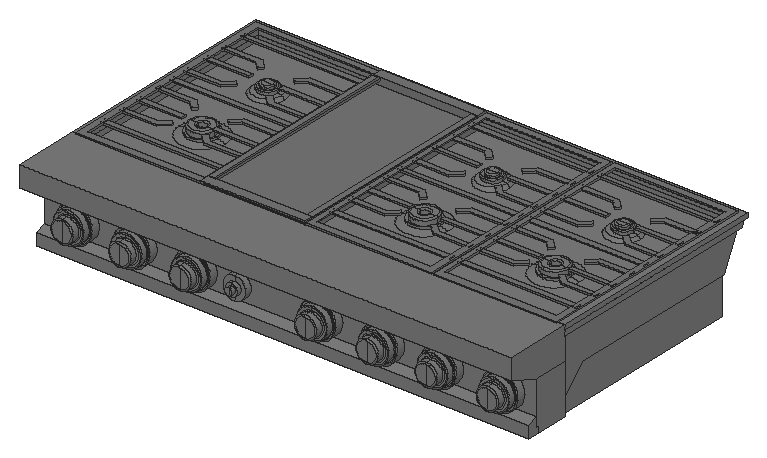
Revit family "DTT48M976_Revit", category Specialty Equipment, Revit 2014
Parameters (values of type "DTT48M976")
  Width = 48"
  WI FI CONNECT LED = "YES"
  WI FI CONNECT BUTTON = "YES"
  VOLTS (V) = "120"
  Unit = Stainless Steel
  TOTAL NUMBER OF COOKTOP BURNERS = "6 (BRASS)"
  SEALED BURNERS = "YES"
  RIGHT REAR (BTU) = "16,000 STACK DUAL (SIMMER)"
  RIGHT FRONT (BTU) = "16,000 STACK DUAL (SIMMER)"
  RE-IGNITION = "YES"
  POWER CORD = "YES"
  OIL PAN = "YES"
  LIMITED, PARTS AND LABOR = "1 YEAR"
  LEFT REAR (BTU) = "16,000 DUAL (SIMMER)"
  LEFT FRONT (BTU) = "18,000 DUAL (SIMMER)"
  LED KNOB BACKLIGHTING = "YES"
  LED CONTROL BUTTON = "YES"
  LED AMBIENT LIGHTING = "YES"
  HIGH ALTITUDE AVAILABLE = "YES"
  Gas = Stainless Steel
  Model = "DTT48M976"
  Manufacturer = "Dacor"
  Height = 8"
  Handle = Stainless Steel
  GAS TYPE = "NATURAL GAS/LIQUID PROPANE"
  FREQUENCY (HZ) = "60"
  ENERGY SOURCE = "GAS AND ELECTRIC"
  ELECTRIC = "1,400W"
  CIRCUIT BREAKER (A) = "15"
  CENTER REAR (BTU) = "9,000 STACK DUAL (SIMMER)"
  CENTER FRONT (BTU) = "22,000 DUAL (SIMMER)"
  Burner Support = Plastic-Black
  Description = "48-INCH GAS RANGETOP MODERNIST COLLECTION"
  Depth = 24"
  BLUETOOTH CONNECT LED = "YES"
  BLUETOOTH CONNECT BUTTON = "YES"
  Adjustment = Stainless Steel
Reference planes (in)
  plane 1 "Center (Front/Back)": y = 0
  plane 2: z = 0
  plane 3 "Center (Left/Right)": x = 0
  plane 4: y = 12
  plane 5: y = -12
  plane 6: x = -24
  plane 7: x = 24
  plane 8: z = 8
  plane 9: y = -16.75
  plane 10: y = -15.5
  plane 11: y = -13.6875
  plane 12: y = -10.25
Forms (in)
  Extrusion 1, solid, material "Stainless Steel" <- "Unit"
    sketch origin (0, 0, 0) x (0, 1, 0) y (0, 0, 1)
      loop
        line (-13.53375, 0) -> (-10.25, 0) -> (-10.25, 4.75) -> (-13.6875, 4.75) -> (-13.6875, 0.62772) -> (-13.53375, 0.62772) -> (-13.53375, 0)
    from -24 to 24
  Extrusion 2, solid, material "Stainless Steel" <- "Unit"
    sketch origin (0, 0, 0) x (0, 1, 0) y (0, 0, 1)
      loop
        line (-13.6875, 4.75) -> (-13.6875, 8) -> (-16.75, 8) -> (-16.75, 6) -> (-13.6875, 4.75)
    from -24 to 24
  Extrusion 3, solid, material "Stainless Steel" <- "Unit"
    sketch origin (0, 0, 0) x (0, 1, 0) y (0, 0, 1)
      loop
        line (-13.6875, 1.49052) -> (-14.6875, 1.08649) -> (-14.6875, 0) -> (-13.53375, 0) -> (-13.53375, 0.62772) -> (-13.6875, 0.62772) -> (-13.6875, 1.49052)
    from -24 to 24
  Extrusion 4, solid, material "Stainless Steel" <- "Unit"
    sketch origin (0, 0, 0) x (0, 1, 0) y (0, 0, 1)
      loop
        line (-13.6875, 8) -> (-13.6875, 4.75) -> (-10.25, 4.75) -> (-10.25, 8) -> (-13.6875, 8)
    from -24 to 24
  Extrusion 5, solid, material "Stainless Steel" <- "Unit"
    sketch origin (0, 0, 0) x (0, 1, 0) y (0, 0, 1)
      loop
        line (-10.25, 1.5) -> (-7.9519, 3.7981) -> (9.25, 3.7981) -> (10.7655, 7.0481) -> (-10.25, 7.0481) -> (-10.25, 1.5)
    from -23.82494 to 23.87524
  Extrusion 6, solid, material "Stainless Steel" <- "Unit"
    sketch origin (0, 0, 0) x (0, 1, 0) y (0, 0, 1)
      loop
        line (9.25, 3.7981) -> (-7.9519, 3.7981) -> (-10.25, 1.5) -> (-10.25, 0) -> (9.25, 0) -> (9.25, 3.7981)
    from -23.61364 to 23.6441
  Extrusion 7, solid, material "Stainless Steel" <- "Unit"
    sketch origin (0, 0, 0) x (0, 1, 0) y (0, 0, 1)
      loop
        line (-10.25, 8) -> (-10.25, 7.57626) -> (12, 7.57626) -> (12, 8) -> (-10.25, 8)
    from -24 to 24
  Extrusion 8, solid, material "Stainless Steel" <- "Unit"
    sketch origin (0, 0, 0) x (0, 1, 0) y (0, 0, 1)
      loop
        line (-10.25, 7.0481) -> (11.2655, 7.0481) -> (11.57044, 7.57626) -> (-10.25, 7.57626) -> (-10.25, 7.0481)
    from -24 to 24
  Revolve 9, solid, material "Stainless Steel" <- "Adjustment"
    sketch origin (21, 0, 0) x (0, 1, 0) y (0, 0, 1)
      loop
        line (-13.6875, 4.75) -> (-14.48223, 4.75)
        arc (-14.48223, 4.75) -> (-14.52107, 4.73391) -> (-14.53716, 4.69506) r 0.05494
        line (-14.53716, 4.69506) -> (-14.53716, 4.52409)
        arc (-14.53716, 4.52409) -> (-14.55311, 4.48559) -> (-14.59161, 4.46965) r 0.05444
        line (-14.59161, 4.46965) -> (-15.17973, 4.46965)
        arc (-15.17973, 4.46965) -> (-15.2115, 4.45649) -> (-15.22466, 4.42471) r 0.04493
        line (-15.22466, 4.42471) -> (-15.22466, 4.16971)
        arc (-15.22466, 4.16971) -> (-15.25882, 4.08726) -> (-15.34126, 4.05311) r 0.1166
        line (-15.34126, 4.05311) -> (-15.93979, 4.05311)
        arc (-15.93979, 4.05311) -> (-16.00864, 4.02459) -> (-16.03716, 3.95573) r 0.09738
        line (-16.03716, 3.95573) -> (-16.03716, 2.99061) -> (-13.6875, 2.99061) -> (-13.6875, 4.75)
      axis (-16.03716, 2.99061) -> (-13.6875, 2.99061)
    angle from 0 to 360
  Revolve 10, solid, material "Stainless Steel" <- "Adjustment"
    sketch origin (15, 0, 0) x (0, 1, 0) y (0, 0, 1)
      loop
        line (-13.6875, 4.75) -> (-14.48223, 4.75)
        arc (-14.48223, 4.75) -> (-14.52107, 4.73391) -> (-14.53716, 4.69506) r 0.05494
        line (-14.53716, 4.69506) -> (-14.53716, 4.52409)
        arc (-14.53716, 4.52409) -> (-14.55311, 4.48559) -> (-14.59161, 4.46965) r 0.05444
        line (-14.59161, 4.46965) -> (-15.17973, 4.46965)
        arc (-15.17973, 4.46965) -> (-15.2115, 4.45649) -> (-15.22466, 4.42471) r 0.04493
        line (-15.22466, 4.42471) -> (-15.22466, 4.16971)
        arc (-15.22466, 4.16971) -> (-15.25882, 4.08726) -> (-15.34126, 4.05311) r 0.1166
        line (-15.34126, 4.05311) -> (-15.93979, 4.05311)
        arc (-15.93979, 4.05311) -> (-16.00864, 4.02459) -> (-16.03716, 3.95573) r 0.09738
        line (-16.03716, 3.95573) -> (-16.03716, 2.99061) -> (-13.6875, 2.99061) -> (-13.6875, 4.75)
      axis (-16.03716, 2.99061) -> (-13.6875, 2.99061)
    angle from 0 to 360
  Revolve 11, solid, material "Stainless Steel" <- "Adjustment"
    sketch origin (-20.5, 0, 0) x (0, 1, 0) y (0, 0, -1)
      loop
        line (-13.6875, -4.75) -> (-13.6875, -2.99061) -> (-16.03716, -2.99061) -> (-16.03716, -3.95573)
        arc (-16.03716, -3.95573) -> (-16.00864, -4.02459) -> (-15.93979, -4.05311) r 0.09738
        line (-15.93979, -4.05311) -> (-15.34126, -4.05311)
        arc (-15.34126, -4.05311) -> (-15.25882, -4.08726) -> (-15.22466, -4.16971) r 0.1166
        line (-15.22466, -4.16971) -> (-15.22466, -4.42471)
        arc (-15.22466, -4.42471) -> (-15.2115, -4.45649) -> (-15.17973, -4.46965) r 0.04493
        line (-15.17973, -4.46965) -> (-14.59161, -4.46965)
        arc (-14.59161, -4.46965) -> (-14.55311, -4.48559) -> (-14.53716, -4.52409) r 0.05444
        line (-14.53716, -4.52409) -> (-14.53716, -4.69506)
        arc (-14.53716, -4.69506) -> (-14.52107, -4.73391) -> (-14.48223, -4.75) r 0.05494
        line (-14.48223, -4.75) -> (-13.6875, -4.75)
      axis (-16.03716, -2.99061) -> (-13.6875, -2.99061)
    angle from 0 to 360
  Revolve 12, solid, material "Stainless Steel" <- "Adjustment"
    sketch origin (-14.875, 0, 0) x (0, 1, 0) y (0, 0, -1)
      loop
        line (-13.6875, -4.75) -> (-13.6875, -2.99061) -> (-16.03716, -2.99061) -> (-16.03716, -3.95573)
        arc (-16.03716, -3.95573) -> (-16.00864, -4.02459) -> (-15.93979, -4.05311) r 0.09738
        line (-15.93979, -4.05311) -> (-15.34126, -4.05311)
        arc (-15.34126, -4.05311) -> (-15.25882, -4.08726) -> (-15.22466, -4.16971) r 0.1166
        line (-15.22466, -4.16971) -> (-15.22466, -4.42471)
        arc (-15.22466, -4.42471) -> (-15.2115, -4.45649) -> (-15.17973, -4.46965) r 0.04493
        line (-15.17973, -4.46965) -> (-14.59161, -4.46965)
        arc (-14.59161, -4.46965) -> (-14.55311, -4.48559) -> (-14.53716, -4.52409) r 0.05444
        line (-14.53716, -4.52409) -> (-14.53716, -4.69506)
        arc (-14.53716, -4.69506) -> (-14.52107, -4.73391) -> (-14.48223, -4.75) r 0.05494
        line (-14.48223, -4.75) -> (-13.6875, -4.75)
      axis (-16.03716, -2.99061) -> (-13.6875, -2.99061)
    angle from 0 to 360
  Revolve 13, solid, material "Stainless Steel" <- "Adjustment"
    sketch origin (-9, 0, 0) x (0, 1, 0) y (0, 0, -1)
      loop
        line (-13.6875, -4.75) -> (-13.6875, -2.99061) -> (-16.03716, -2.99061) -> (-16.03716, -3.95573)
        arc (-16.03716, -3.95573) -> (-16.00864, -4.02459) -> (-15.93979, -4.05311) r 0.09738
        line (-15.93979, -4.05311) -> (-15.34126, -4.05311)
        arc (-15.34126, -4.05311) -> (-15.25882, -4.08726) -> (-15.22466, -4.16971) r 0.1166
        line (-15.22466, -4.16971) -> (-15.22466, -4.42471)
        arc (-15.22466, -4.42471) -> (-15.2115, -4.45649) -> (-15.17973, -4.46965) r 0.04493
        line (-15.17973, -4.46965) -> (-14.59161, -4.46965)
        arc (-14.59161, -4.46965) -> (-14.55311, -4.48559) -> (-14.53716, -4.52409) r 0.05444
        line (-14.53716, -4.52409) -> (-14.53716, -4.69506)
        arc (-14.53716, -4.69506) -> (-14.52107, -4.73391) -> (-14.48223, -4.75) r 0.05494
        line (-14.48223, -4.75) -> (-13.6875, -4.75)
      axis (-16.03716, -2.99061) -> (-13.6875, -2.99061)
    angle from 0 to 360
  Revolve 14, solid, material "Stainless Steel" <- "Adjustment"
    sketch origin (-5, 0, 0) x (0, 1, 0) y (0, 0, 1)
      loop
        line (-13.6875, 3.90547) -> (-14.31307, 3.90547) -> (-14.31307, 3.40547) -> (-14.67787, 3.40547) -> (-14.67787, 3.15547) -> (-15.04267, 3.15547) -> (-15.04267, 2.81107) -> (-13.6875, 2.81107) -> (-13.6875, 3.90547)
      axis (-15.04267, 2.81107) -> (-13.6875, 2.81107)
    angle from 0 to 360
  Extrusion 15, void
    sketch origin (0, 0, 0) x (1, 0, 0) y (0, 1, 0)
      loop
        line (-22.97423, 10.93094) -> (-22.97423, -10.25) -> (23.27577, -10.25) -> (23.27577, 10.93094) -> (-22.97423, 10.93094)
    from 7.0481 to 8
  Extrusion 16, solid, material "Plastic-Black" <- "Burner Support"
    sketch origin (0, 0, 0) x (1, 0, 0) y (0, 1, 0)
      loop
        line (-23.61364, 11.56891) -> (-23.61364, -10.43109) -> (-11.11364, -10.43109) -> (-11.11364, 11.56891) -> (-23.61364, 11.56891)
      loop
        line (-22.97423, 10.93094) -> (-22.97423, -9.75) -> (-11.59029, -9.75) -> (-11.59029, 10.93094) -> (-22.97423, 10.93094)
      loop
        line (11.11364, 11.56891) -> (-1.13636, 11.56891) -> (-1.13636, -10.43109) -> (11.11364, -10.43109) -> (11.11364, 11.56891)
      loop
        line (10.47423, 10.93094) -> (-0.65971, 10.93094) -> (-0.65971, -9.75) -> (10.47423, -9.75) -> (10.47423, 10.93094)
      loop
        line (-11.02466, 11.56891) -> (-11.02466, -10.43109) -> (-1.2272, -10.43109) -> (-1.2272, 11.56891) -> (-11.02466, 11.56891)
      loop
        line (-10.73467, 10.7655) -> (-10.73467, -9.75) -> (-1.772, -9.75) -> (-1.772, 10.7655) -> (-10.73467, 10.7655)
      loop
        line (23.36364, 11.56891) -> (11.36364, 11.56891) -> (11.36364, -10.43109) -> (23.36364, -10.43109) -> (23.36364, 11.56891)
      loop
        line (22.72423, 10.93094) -> (11.84029, 10.93094) -> (11.84029, -9.75) -> (22.72423, -9.75) -> (22.72423, 10.93094)
    from 8 to 8.13488
  Extrusion 17, solid, material "Plastic-Black" <- "Burner Support"
    sketch origin (0, 0, 0) x (1, 0, 0) y (0, 1, 0)
      loop
        line (-23.17384, 9.65627) -> (-23.17384, 9.13771) -> (-11.42384, 9.13771) -> (-11.42384, 9.65627) -> (-23.17384, 9.65627)
      loop
        line (-23.17384, 7.31357) -> (-23.17384, 6.81357) -> (-19.79884, 6.81357) -> (-19.09173, 6.10646) -> (-18.73818, 6.46001) -> (-19.59173, 7.31357) -> (-23.17384, 7.31357)
      loop
        line (-23.17384, 5.1511) -> (-23.17384, 4.6511) -> (-18.79884, 4.6511) -> (-18.79884, 5.1511) -> (-23.17384, 5.1511)
      loop
        line (-23.17384, 2.23862) -> (-19.59173, 2.23862) -> (-18.73818, 3.09218) -> (-19.09173, 3.44573) -> (-19.79884, 2.73862) -> (-23.17384, 2.73862) -> (-23.17384, 2.23862)
      loop
        line (-11.42384, 7.31357) -> (-15.00595, 7.31357) -> (-15.8595, 6.46001) -> (-15.50595, 6.10646) -> (-14.79884, 6.81357) -> (-11.42384, 6.81357) -> (-11.42384, 7.31357)
      loop
        line (-11.42384, 5.1511) -> (-15.79884, 5.1511) -> (-15.79884, 4.6511) -> (-11.42384, 4.6511) -> (-11.42384, 5.1511)
      loop
        line (-11.42384, 2.23862) -> (-11.42384, 2.73862) -> (-14.79884, 2.73862) -> (-15.50595, 3.44573) -> (-15.8595, 3.09218) -> (-15.00595, 2.23862) -> (-11.42384, 2.23862)
      loop
        line (-23.17384, -7.90627) -> (-11.42384, -7.90627) -> (-11.42384, -7.38771) -> (-23.17384, -7.38771) -> (-23.17384, -7.90627)
      loop
        line (-23.17384, -5.56357) -> (-19.59173, -5.56357) -> (-18.73818, -4.71001) -> (-19.09173, -4.35646) -> (-19.79884, -5.06357) -> (-23.17384, -5.06357) -> (-23.17384, -5.56357)
      loop
        line (-23.17384, -3.5261) -> (-18.79884, -3.5261) -> (-18.79884, -3.0261) -> (-23.17384, -3.0261) -> (-23.17384, -3.5261)
      loop
        line (-23.17384, -0.73862) -> (-23.17384, -1.23862) -> (-19.79884, -1.23862) -> (-19.09173, -1.94573) -> (-18.73818, -1.59218) -> (-19.59173, -0.73862) -> (-23.17384, -0.73862)
      loop
        line (-11.42384, -5.56357) -> (-11.42384, -5.06357) -> (-14.79884, -5.06357) -> (-15.50595, -4.35646) -> (-15.8595, -4.71001) -> (-15.00595, -5.56357) -> (-11.42384, -5.56357)
      loop
        line (-11.42384, -3.5261) -> (-11.42384, -3.0261) -> (-15.79884, -3.0261) -> (-15.79884, -3.5261) -> (-11.42384, -3.5261)
      loop
        line (-11.42384, -0.73862) -> (-15.00595, -0.73862) -> (-15.8595, -1.59218) -> (-15.50595, -1.94573) -> (-14.79884, -1.23862) -> (-11.42384, -1.23862) -> (-11.42384, -0.73862)
      loop
        line (-23.20168, 0.48145) -> (-11.45168, 0.48145) -> (-11.45168, 1) -> (-23.20168, 1) -> (-23.20168, 0.48145)
      loop
        line (-0.88636, 9.65627) -> (-0.88636, 9.13771) -> (10.86364, 9.13771) -> (10.86364, 9.65627) -> (-0.88636, 9.65627)
      loop
        line (-0.88636, 7.31357) -> (-0.88636, 6.81357) -> (2.48864, 6.81357) -> (3.19575, 6.10646) -> (3.54931, 6.46001) -> (2.69575, 7.31357) -> (-0.88636, 7.31357)
      loop
        line (-0.88636, 5.1511) -> (-0.88636, 4.6511) -> (3.48864, 4.6511) -> (3.48864, 5.1511) -> (-0.88636, 5.1511)
      loop
        line (-0.88636, 2.23862) -> (2.69575, 2.23862) -> (3.54931, 3.09218) -> (3.19575, 3.44573) -> (2.48864, 2.73862) -> (-0.88636, 2.73862) -> (-0.88636, 2.23862)
      loop
        line (10.86364, 7.31357) -> (7.28154, 7.31357) -> (6.42798, 6.46001) -> (6.78154, 6.10646) -> (7.48864, 6.81357) -> (10.86364, 6.81357) -> (10.86364, 7.31357)
      loop
        line (10.86364, 5.1511) -> (6.48864, 5.1511) -> (6.48864, 4.6511) -> (10.86364, 4.6511) -> (10.86364, 5.1511)
      loop
        line (10.86364, 2.23862) -> (10.86364, 2.73862) -> (7.48864, 2.73862) -> (6.78154, 3.44573) -> (6.42798, 3.09218) -> (7.28154, 2.23862) -> (10.86364, 2.23862)
      loop
        line (-0.88636, -7.90627) -> (10.86364, -7.90627) -> (10.86364, -7.38771) -> (-0.88636, -7.38771) -> (-0.88636, -7.90627)
      loop
        line (-0.88636, -5.56357) -> (2.69575, -5.56357) -> (3.54931, -4.71001) -> (3.19575, -4.35646) -> (2.48864, -5.06357) -> (-0.88636, -5.06357) -> (-0.88636, -5.56357)
      loop
        line (-0.88636, -3.5261) -> (3.48864, -3.5261) -> (3.48864, -3.0261) -> (-0.88636, -3.0261) -> (-0.88636, -3.5261)
      loop
        line (-0.88636, -0.73862) -> (-0.88636, -1.23862) -> (2.48864, -1.23862) -> (3.19575, -1.94573) -> (3.54931, -1.59218) -> (2.69575, -0.73862) -> (-0.88636, -0.73862)
      loop
        line (10.86364, -5.56357) -> (10.86364, -5.06357) -> (7.48864, -5.06357) -> (6.78154, -4.35646) -> (6.42798, -4.71001) -> (7.28154, -5.56357) -> (10.86364, -5.56357)
      loop
        line (10.86364, -3.5261) -> (10.86364, -3.0261) -> (6.48864, -3.0261) -> (6.48864, -3.5261) -> (10.86364, -3.5261)
      loop
        line (10.86364, -0.73862) -> (7.28154, -0.73862) -> (6.42798, -1.59218) -> (6.78154, -1.94573) -> (7.48864, -1.23862) -> (10.86364, -1.23862) -> (10.86364, -0.73862)
      loop
        line (-0.91419, 0.48145) -> (10.83581, 0.48145) -> (10.83581, 1) -> (-0.91419, 1) -> (-0.91419, 0.48145)
      loop
        line (11.61708, 9.65627) -> (11.61708, 9.13771) -> (23.11708, 9.13771) -> (23.11708, 9.65627) -> (11.61708, 9.65627)
      loop
        line (11.61708, 7.31357) -> (11.61708, 6.81357) -> (14.99208, 6.81357) -> (15.69918, 6.10646) -> (16.05274, 6.46001) -> (15.19918, 7.31357) -> (11.61708, 7.31357)
      loop
        line (11.61708, 5.1511) -> (11.61708, 4.6511) -> (15.99208, 4.6511) -> (15.99208, 5.1511) -> (11.61708, 5.1511)
      loop
        line (11.61708, 2.23862) -> (15.19918, 2.23862) -> (16.05274, 3.09218) -> (15.69918, 3.44573) -> (14.99208, 2.73862) -> (11.61708, 2.73862) -> (11.61708, 2.23862)
      loop
        line (23.11708, 7.31357) -> (19.78497, 7.31357) -> (18.93142, 6.46001) -> (19.28497, 6.10646) -> (19.99208, 6.81357) -> (23.11708, 6.81357) -> (23.11708, 7.31357)
      loop
        line (23.11708, 5.1511) -> (18.99208, 5.1511) -> (18.99208, 4.6511) -> (23.11708, 4.6511) -> (23.11708, 5.1511)
      loop
        line (23.11708, 2.23862) -> (23.11708, 2.73862) -> (19.99208, 2.73862) -> (19.28497, 3.44573) -> (18.93142, 3.09218) -> (19.78497, 2.23862) -> (23.11708, 2.23862)
      loop
        line (11.61708, -7.90627) -> (23.11708, -7.90627) -> (23.11708, -7.38771) -> (11.61708, -7.38771) -> (11.61708, -7.90627)
      loop
        line (11.61708, -5.56357) -> (15.19918, -5.56357) -> (16.05274, -4.71001) -> (15.69918, -4.35646) -> (14.99208, -5.06357) -> (11.61708, -5.06357) -> (11.61708, -5.56357)
      loop
        line (11.61708, -3.5261) -> (15.99208, -3.5261) -> (15.99208, -3.0261) -> (11.61708, -3.0261) -> (11.61708, -3.5261)
      loop
        line (11.61708, -0.73862) -> (11.61708, -1.23862) -> (14.99208, -1.23862) -> (15.69918, -1.94573) -> (16.05274, -1.59218) -> (15.19918, -0.73862) -> (11.61708, -0.73862)
      loop
        line (23.11708, -5.56357) -> (23.11708, -5.06357) -> (19.99208, -5.06357) -> (19.28497, -4.35646) -> (18.93142, -4.71001) -> (19.78497, -5.56357) -> (23.11708, -5.56357)
      loop
        line (23.11708, -3.5261) -> (23.11708, -3.0261) -> (18.99208, -3.0261) -> (18.99208, -3.5261) -> (23.11708, -3.5261)
      loop
        line (23.11708, -0.73862) -> (19.78497, -0.73862) -> (18.93142, -1.59218) -> (19.28497, -1.94573) -> (19.99208, -1.23862) -> (23.11708, -1.23862) -> (23.11708, -0.73862)
      loop
        line (11.58924, 0.48145) -> (23.08924, 0.48145) -> (23.08924, 1) -> (11.58924, 1) -> (11.58924, 0.48145)
    from 8 to 8.13488
  Revolve 18, solid, material "Stainless Steel" <- "Gas"
    sketch origin (0.625, -3.125, 0) x (1, 0, 0) y (0, 0, 1)
      loop
        line (-17.72423, 7.0481) -> (-17.72423, 7.50876) -> (-18.20269, 7.50876) -> (-18.20269, 7.8621)
        arc (-18.20269, 7.8621) -> (-18.22881, 7.92515) -> (-18.29185, 7.95126) r 0.08916
        line (-18.29185, 7.95126) -> (-18.85124, 7.95126)
        arc (-18.85124, 7.95126) -> (-18.94083, 7.91415) -> (-18.97794, 7.82457) r 0.1267
        line (-18.97794, 7.82457) -> (-18.97794, 7.4231) -> (-19.22794, 7.4231) -> (-19.22794, 7.24091) -> (-20.00824, 7.0481) -> (-17.72423, 7.0481)
      axis (-17.72423, 7.0481) -> (-17.72423, 7.95126)
    angle from 0 to 360
  Revolve 19, solid, material "Stainless Steel" <- "Gas"
    sketch origin (-0.125, 5, 0) x (1, 0, 0) y (0, 0, 1)
      loop
        line (-17.09923, 7.0481) -> (-17.09923, 8) -> (-17.64766, 8)
        arc (-17.64766, 8) -> (-17.71318, 7.97286) -> (-17.74032, 7.90734) r 0.09266
        line (-17.74032, 7.90734) -> (-17.74032, 7.75) -> (-17.98199, 7.75)
        arc (-17.98199, 7.75) -> (-18.03799, 7.7268) -> (-18.06119, 7.6708) r 0.0792
        line (-18.06119, 7.6708) -> (-18.06119, 7.4231) -> (-18.46525, 7.31483) -> (-18.73199, 7.0481) -> (-17.09923, 7.0481)
      axis (-17.09923, 7.0481) -> (-17.09923, 8)
    angle from 0 to 360
  Revolve 20, solid, material "Stainless Steel" <- "Gas"
    sketch origin (0.375, 5, 0) x (-1, 0, 0) y (0, 0, -1)
      loop
        line (-17.09923, -7.0481) -> (-18.73199, -7.0481) -> (-18.46525, -7.31483) -> (-18.06119, -7.4231) -> (-18.06119, -7.6708)
        arc (-18.06119, -7.6708) -> (-18.03799, -7.7268) -> (-17.98199, -7.75) r 0.0792
        line (-17.98199, -7.75) -> (-17.74032, -7.75) -> (-17.74032, -7.90734)
        arc (-17.74032, -7.90734) -> (-17.71318, -7.97286) -> (-17.64766, -8) r 0.09266
        line (-17.64766, -8) -> (-17.09923, -8) -> (-17.09923, -7.0481)
      axis (-17.09923, -7.0481) -> (-17.09923, -8)
    angle from 0 to 360
  Revolve 21, solid, material "Stainless Steel" <- "Gas"
    sketch origin (-0.375, -3.125, 0) x (-1, 0, 0) y (0, 0, -1)
      loop
        line (-17.72423, -7.0481) -> (-20.00824, -7.0481) -> (-19.22794, -7.24091) -> (-19.22794, -7.4231) -> (-18.97794, -7.4231) -> (-18.97794, -7.82457)
        arc (-18.97794, -7.82457) -> (-18.94083, -7.91415) -> (-18.85124, -7.95126) r 0.1267
        line (-18.85124, -7.95126) -> (-18.29185, -7.95126)
        arc (-18.29185, -7.95126) -> (-18.22881, -7.92515) -> (-18.20269, -7.8621) r 0.08916
        line (-18.20269, -7.8621) -> (-18.20269, -7.50876) -> (-17.72423, -7.50876) -> (-17.72423, -7.0481)
      axis (-17.72423, -7.0481) -> (-17.72423, -7.95126)
    angle from 0 to 360
  Revolve 22, solid, material "Stainless Steel" <- "Adjustment"
    sketch origin (9.25, 0, 0) x (0, 1, 0) y (0, 0, 1)
      loop
        line (-13.6875, 4.75) -> (-14.48223, 4.75)
        arc (-14.48223, 4.75) -> (-14.52107, 4.73391) -> (-14.53716, 4.69506) r 0.05494
        line (-14.53716, 4.69506) -> (-14.53716, 4.52409)
        arc (-14.53716, 4.52409) -> (-14.55311, 4.48559) -> (-14.59161, 4.46965) r 0.05444
        line (-14.59161, 4.46965) -> (-15.17973, 4.46965)
        arc (-15.17973, 4.46965) -> (-15.2115, 4.45649) -> (-15.22466, 4.42471) r 0.04493
        line (-15.22466, 4.42471) -> (-15.22466, 4.16971)
        arc (-15.22466, 4.16971) -> (-15.25882, 4.08726) -> (-15.34126, 4.05311) r 0.1166
        line (-15.34126, 4.05311) -> (-15.93979, 4.05311)
        arc (-15.93979, 4.05311) -> (-16.00864, 4.02459) -> (-16.03716, 3.95573) r 0.09738
        line (-16.03716, 3.95573) -> (-16.03716, 2.99061) -> (-13.6875, 2.99061) -> (-13.6875, 4.75)
      axis (-16.03716, 2.99061) -> (-13.6875, 2.99061)
    angle from 0 to 360
  Revolve 23, solid, material "Stainless Steel" <- "Adjustment"
    sketch origin (3.25, 0, 0) x (0, 1, 0) y (0, 0, 1)
      loop
        line (-13.6875, 4.75) -> (-14.48223, 4.75)
        arc (-14.48223, 4.75) -> (-14.52107, 4.73391) -> (-14.53716, 4.69506) r 0.05494
        line (-14.53716, 4.69506) -> (-14.53716, 4.52409)
        arc (-14.53716, 4.52409) -> (-14.55311, 4.48559) -> (-14.59161, 4.46965) r 0.05444
        line (-14.59161, 4.46965) -> (-15.17973, 4.46965)
        arc (-15.17973, 4.46965) -> (-15.2115, 4.45649) -> (-15.22466, 4.42471) r 0.04493
        line (-15.22466, 4.42471) -> (-15.22466, 4.16971)
        arc (-15.22466, 4.16971) -> (-15.25882, 4.08726) -> (-15.34126, 4.05311) r 0.1166
        line (-15.34126, 4.05311) -> (-15.93979, 4.05311)
        arc (-15.93979, 4.05311) -> (-16.00864, 4.02459) -> (-16.03716, 3.95573) r 0.09738
        line (-16.03716, 3.95573) -> (-16.03716, 2.99061) -> (-13.6875, 2.99061) -> (-13.6875, 4.75)
      axis (-16.03716, 2.99061) -> (-13.6875, 2.99061)
    angle from 0 to 360
  Revolve 24, solid, material "Stainless Steel" <- "Gas"
    sketch origin (-12.375, 5, 0) x (-1, 0, 0) y (0, 0, -1)
      loop
        line (-17.09923, -7.0481) -> (-18.73199, -7.0481) -> (-18.46525, -7.31483) -> (-18.06119, -7.4231) -> (-18.06119, -7.6708)
        arc (-18.06119, -7.6708) -> (-18.03799, -7.7268) -> (-17.98199, -7.75) r 0.0792
        line (-17.98199, -7.75) -> (-17.74032, -7.75) -> (-17.74032, -7.90734)
        arc (-17.74032, -7.90734) -> (-17.71318, -7.97286) -> (-17.64766, -8) r 0.09266
        line (-17.64766, -8) -> (-17.09923, -8) -> (-17.09923, -7.0481)
      axis (-17.09923, -7.0481) -> (-17.09923, -8)
    angle from 0 to 360
  Revolve 25, solid, material "Stainless Steel" <- "Gas"
    sketch origin (-13.125, -3.125, 0) x (-1, 0, 0) y (0, 0, -1)
      loop
        line (-17.72423, -7.0481) -> (-20.00824, -7.0481) -> (-19.22794, -7.24091) -> (-19.22794, -7.4231) -> (-18.97794, -7.4231) -> (-18.97794, -7.82457)
        arc (-18.97794, -7.82457) -> (-18.94083, -7.91415) -> (-18.85124, -7.95126) r 0.1267
        line (-18.85124, -7.95126) -> (-18.29185, -7.95126)
        arc (-18.29185, -7.95126) -> (-18.22881, -7.92515) -> (-18.20269, -7.8621) r 0.08916
        line (-18.20269, -7.8621) -> (-18.20269, -7.50876) -> (-17.72423, -7.50876) -> (-17.72423, -7.0481)
      axis (-17.72423, -7.0481) -> (-17.72423, -7.95126)
    angle from 0 to 360
  Extrusion 26, solid, material "Plastic-Black" <- "Burner Support"
    sketch origin (-6.5, 0, 0) x (0, 1, 0) y (0, 0, 1)
      loop
        line (-10.43109, 8.25904) -> (-10.43109, 7.57626) -> (-9.50527, 7.57626) -> (-9.50527, 8.25904) -> (-10.43109, 8.25904)
      loop
        line (10.56891, 8.25904) -> (10.56891, 7.57626) -> (11.57044, 7.57626) -> (11.57044, 8.25904) -> (10.56891, 8.25904)
    from -4.86364 to 5.2728
  Extrusion 27, solid, material "Plastic-Black" <- "Burner Support"
    sketch origin (-6.5, 0, 0) x (1, 0, 0) y (0, 0, 1)
      loop
        line (-4.86364, 8.25904) -> (-4.86364, 8) -> (-4.29717, 8) -> (-4.29717, 8.25904) -> (-4.86364, 8.25904)
      loop
        line (5.2728, 8.25904) -> (4.728, 8.25904) -> (4.728, 8) -> (5.2728, 8) -> (5.2728, 8.25904)
    from -10.56891 to 9.50527
  Extrusion 28, solid, material "Plastic-Black" <- "Burner Support"
    sketch origin (-6.5, 0, 0) x (1, 0, 0) y (0, 0, 1)
      loop
        line (-4.86364, 7.57626) -> (-4.86364, 7.0481) -> (5.27133, 7.0481) -> (5.27133, 7.57626) -> (-4.86364, 7.57626)
    from -10.56891 to 10.06043
Cuts and joins
  Extrusion 15 cuts Extrusion 5
  Extrusion 15 cuts Extrusion 6
  Extrusion 15 cuts Extrusion 7
  Extrusion 15 cuts Extrusion 8
  joined: Extrusion 2, Extrusion 4
Dimensions and locks (in)
  equal spacing: plane 6, plane 3 "Center (Left/Right)", plane 7
  "Width": plane 6 to plane 7
  equal spacing: plane 4, plane 1 "Center (Front/Back)", plane 5
  "Depth": plane 4 to plane 5
  "Height": plane 8 to plane 2
  plane 5 to plane 4 = 24"
  plane 9 to plane 4 = 28 3/4"
  plane 10 to plane 4 = 27 1/2"
  plane 11 to plane 4 = 25 11/16"
  plane 12 to plane 4 = 22 1/4"
  aligned and locked: level to plane 2
  aligned and locked: Extrusion 1 to plane 6
  aligned and locked: plane 7 to Extrusion 1
  aligned and locked: Extrusion 2 to plane 6
  aligned and locked: plane 7 to Extrusion 2
  aligned and locked: Extrusion 1 to Extrusion 2
  aligned and locked: Extrusion 2 to Extrusion 1
  aligned and locked: Extrusion 3 to plane 6
  aligned and locked: plane 7 to Extrusion 3
  aligned and locked: Extrusion 4 to plane 6
  aligned and locked: plane 7 to Extrusion 4
  aligned and locked: plane 7 to Extrusion 7
  aligned and locked: Extrusion 7 to plane 6
  aligned and locked: Extrusion 8 to plane 6
  aligned and locked: plane 7 to Extrusion 8
Automatic sketch dimensions
  Extrusion 1 sketch curve to plane 11 = 0"
  Extrusion 1 sketch curve to level = 0"
  Extrusion 1 sketch curve to plane 12 = 0"
  plane 11 to Extrusion 1 sketch curve = 0.15375"
  level to Extrusion 1 sketch curve = 0.62772"
  Extrusion 1 sketch curve to plane 8 = 3 1/4"
  Extrusion 2 sketch curve to plane 9 = 0"
  Extrusion 2 sketch curve to plane 8 = 0"
  Extrusion 2 sketch curve to plane 11 = 0"
  Extrusion 2 sketch curve to plane 8 = 2"
  Extrusion 2 sketch curve to plane 8 = 3 1/4"
  Extrusion 3 sketch curve to level = 0"
  Extrusion 3 sketch curve to plane 11 = 0"
  plane 10 to Extrusion 3 sketch curve = 13/16"
  Extrusion 3 sketch curve to Extrusion 3 sketch curve = 0.15375"
  Extrusion 3 sketch curve to Extrusion 3 sketch curve = 0.62772"
  level to Extrusion 3 sketch curve = 1.08649"
  Extrusion 3 sketch curve to Extrusion 3 sketch curve = 0.8628"
  Extrusion 4 sketch curve to plane 11 = 0"
  Extrusion 4 sketch curve to plane 12 = 0"
  Extrusion 4 sketch curve to plane 8 = 0"
  Extrusion 4 sketch curve to plane 8 = 3 1/4"
  Extrusion 5 sketch curve to plane 12 = 0"
  plane 12 to Extrusion 5 sketch curve = 2.2981"
  Extrusion 5 sketch curve to plane 4 = 2 3/4"
  Extrusion 5 sketch curve to plane 4 = 1.2345"
  level to Extrusion 5 sketch curve = 1 1/2"
  level to Extrusion 5 sketch curve = 3.7981"
  Extrusion 5 sketch curve to plane 8 = 0.9519"
  Extrusion 6 sketch curve to plane 12 = 0"
  Extrusion 6 sketch curve to level = 0"
  plane 12 to Extrusion 6 sketch curve = 2.2981"
  Extrusion 6 sketch curve to plane 4 = 2 3/4"
  level to Extrusion 6 sketch curve = 1 1/2"
  Extrusion 6 sketch curve to Extrusion 6 sketch curve = 3.7981"
  Extrusion 7 sketch curve to plane 12 = 0"
  Extrusion 7 sketch curve to plane 4 = 0"
  Extrusion 7 sketch curve to plane 8 = 0"
  Extrusion 7 sketch curve to plane 8 = 0.42374"
  Extrusion 8 sketch curve to plane 12 = 0"
  Extrusion 8 sketch curve to plane 4 = 0.7345"
  Extrusion 8 sketch curve to plane 4 = 0.42956"
  Extrusion 8 sketch curve to plane 8 = 0.9519"
  Extrusion 8 sketch curve to plane 8 = 0.42374"
  Revolve 9 sketch curve to plane 11 = 0"
  Revolve 9 sketch curve to plane 11 = 0.79473"
  Revolve 9 sketch curve to Revolve 9 sketch curve = 0.05494"
  Revolve 9 sketch curve to Revolve 9 sketch curve = 0.05444"
  plane 10 to Revolve 9 sketch curve = 0.32027"
  Revolve 9 sketch curve to Revolve 9 sketch curve = 0.04493"
  plane 10 to Revolve 9 sketch curve = 0.15874"
  Revolve 9 sketch curve to plane 10 = 0.43979"
  Revolve 9 sketch curve to plane 10 = 0.53716"
  level to Revolve 9 sketch curve = 2.99061"
  Revolve 9 sketch curve to Revolve 9 sketch curve = 0.96512"
  Revolve 9 sketch curve to Revolve 9 sketch curve = 0.255"
  Revolve 9 sketch curve to Revolve 9 sketch curve = 0.17097"
  Revolve 9 sketch curve to plane 11 = 0.84966"
  plane 10 to Revolve 9 sketch curve = 0.13752"
  Revolve 9 sketch curve to Revolve 9 sketch curve = 0"
  Revolve 10 sketch curve to plane 11 = 0"
  Revolve 10 sketch curve to plane 11 = 0.79473"
  Revolve 10 sketch curve to Revolve 10 sketch curve = 0.05494"
  Revolve 10 sketch curve to Revolve 10 sketch curve = 0.05444"
  plane 10 to Revolve 10 sketch curve = 0.32027"
  Revolve 10 sketch curve to Revolve 10 sketch curve = 0.04493"
  plane 10 to Revolve 10 sketch curve = 0.15874"
  Revolve 10 sketch curve to plane 10 = 0.43979"
  Revolve 10 sketch curve to plane 10 = 0.53716"
  level to Revolve 10 sketch curve = 2.99061"
  Revolve 10 sketch curve to Revolve 10 sketch curve = 0.96512"
  Revolve 10 sketch curve to Revolve 10 sketch curve = 0.255"
  Revolve 10 sketch curve to Revolve 10 sketch curve = 0.17097"
  Revolve 10 sketch curve to plane 11 = 0.84966"
  plane 10 to Revolve 10 sketch curve = 0.13752"
  Revolve 10 sketch curve to Revolve 10 sketch curve = 0"
  Revolve 11 sketch curve to plane 11 = 0"
  Revolve 11 sketch curve to plane 11 = 0.79473"
  Revolve 11 sketch curve to Revolve 11 sketch curve = 0.05494"
  Revolve 11 sketch curve to Revolve 11 sketch curve = 0.05444"
  plane 10 to Revolve 11 sketch curve = 0.32027"
  Revolve 11 sketch curve to Revolve 11 sketch curve = 0.04493"
  plane 10 to Revolve 11 sketch curve = 0.15874"
  Revolve 11 sketch curve to plane 10 = 0.43979"
  Revolve 11 sketch curve to plane 10 = 0.53716"
  Revolve 11 sketch curve to plane 8 = 3 1/4"
  Revolve 11 sketch curve to Revolve 11 sketch curve = 0.17097"
  Revolve 11 sketch curve to Revolve 11 sketch curve = 0.255"
  Revolve 11 sketch curve to Revolve 11 sketch curve = 0.96512"
  Revolve 11 sketch curve to plane 11 = 0.84966"
  plane 10 to Revolve 11 sketch curve = 0.13752"
  Revolve 11 sketch curve to Revolve 11 sketch curve = 0"
  Revolve 12 sketch curve to plane 11 = 0"
  Revolve 12 sketch curve to plane 11 = 0.79473"
  Revolve 12 sketch curve to Revolve 12 sketch curve = 0.05494"
  Revolve 12 sketch curve to Revolve 12 sketch curve = 0.05444"
  plane 10 to Revolve 12 sketch curve = 0.32027"
  Revolve 12 sketch curve to Revolve 12 sketch curve = 0.04493"
  plane 10 to Revolve 12 sketch curve = 0.15874"
  Revolve 12 sketch curve to plane 10 = 0.43979"
  Revolve 12 sketch curve to plane 10 = 0.53716"
  Revolve 12 sketch curve to plane 8 = 3 1/4"
  Revolve 12 sketch curve to Revolve 12 sketch curve = 0.17097"
  Revolve 12 sketch curve to Revolve 12 sketch curve = 0.255"
  Revolve 12 sketch curve to Revolve 12 sketch curve = 0.96512"
  Revolve 12 sketch curve to plane 11 = 0.84966"
  plane 10 to Revolve 12 sketch curve = 0.13752"
  Revolve 12 sketch curve to Revolve 12 sketch curve = 0"
  Revolve 13 sketch curve to plane 11 = 0"
  Revolve 13 sketch curve to plane 11 = 0.79473"
  Revolve 13 sketch curve to Revolve 13 sketch curve = 0.05494"
  Revolve 13 sketch curve to Revolve 13 sketch curve = 0.05444"
  plane 10 to Revolve 13 sketch curve = 0.32027"
  Revolve 13 sketch curve to Revolve 13 sketch curve = 0.04493"
  plane 10 to Revolve 13 sketch curve = 0.15874"
  Revolve 13 sketch curve to plane 10 = 0.43979"
  Revolve 13 sketch curve to plane 10 = 0.53716"
  Revolve 13 sketch curve to plane 8 = 3 1/4"
  Revolve 13 sketch curve to Revolve 13 sketch curve = 0.17097"
  Revolve 13 sketch curve to Revolve 13 sketch curve = 0.255"
  Revolve 13 sketch curve to Revolve 13 sketch curve = 0.96512"
  Revolve 13 sketch curve to plane 11 = 0.84966"
  plane 10 to Revolve 13 sketch curve = 0.13752"
  Revolve 13 sketch curve to Revolve 13 sketch curve = 0"
  Revolve 14 sketch curve to plane 11 = 0"
  Revolve 14 sketch curve to plane 11 = 0.62557"
  Revolve 14 sketch curve to Revolve 14 sketch curve = 0.3648"  (x2)
  level to Revolve 14 sketch curve = 2.81107"
  Revolve 14 sketch curve to Revolve 14 sketch curve = 0.3444"
  Revolve 14 sketch curve to Revolve 14 sketch curve = 1/4"
  Revolve 14 sketch curve to Revolve 14 sketch curve = 1/2"
  Revolve 14 sketch curve to plane 11 = 0.10216"
  Revolve 14 sketch curve to Revolve 14 sketch curve = 0.39784"
  Revolve 14 sketch curve to Revolve 14 sketch curve = 0"
  Extrusion 15 sketch curve to plane 12 = 0"
  plane 6 to Extrusion 15 sketch curve = 1.02577"
  Extrusion 15 sketch curve to plane 7 = 0.72423"
  Extrusion 15 sketch curve to plane 4 = 1.06906"
  Extrusion 16 sketch curve to plane 12 = 0.18109"  (x2)
  plane 6 to Extrusion 16 sketch curve = 0.38636"
  Extrusion 16 sketch curve to Extrusion 16 sketch curve = 0.63942"  (x2)
  Extrusion 16 sketch curve to plane 4 = 1.06906"  (x2)
  Extrusion 16 sketch curve to Extrusion 16 sketch curve = 11.38394"
  Extrusion 16 sketch curve to Extrusion 16 sketch curve = 0.47664"  (x2)
  Extrusion 16 sketch curve to Extrusion 16 sketch curve = 0.08898"
  Extrusion 16 sketch curve to Extrusion 16 sketch curve = 0.28999"
  Extrusion 16 sketch curve to plane 3 "Center (Left/Right)" = 1.772"
  Extrusion 16 sketch curve to plane 4 = 0.43109"  (x3)
  Extrusion 16 sketch curve to Extrusion 16 sketch curve = 0.5448"
  Extrusion 16 sketch curve to Extrusion 16 sketch curve = 0.09084"
  Extrusion 16 sketch curve to plane 3 "Center (Left/Right)" = 0.65971"
  plane 12 to Extrusion 16 sketch curve = 1/2"  (x4)
  plane 3 "Center (Left/Right)" to Extrusion 16 sketch curve = 10.47423"
  Extrusion 16 sketch curve to Extrusion 16 sketch curve = 1/4"
  Extrusion 16 sketch curve to plane 7 = 1.27577"
  Extrusion 16 sketch curve to plane 7 = 0.63636"
  Extrusion 16 sketch curve to Extrusion 16 sketch curve = 0"  (x3)
  Extrusion 16 sketch curve to Extrusion 16 sketch curve = 0.80341"
  Extrusion 16 sketch curve to Extrusion 16 sketch curve = 0.63797"
  plane 6 to Extrusion 17 sketch curve = 0.79832"
  plane 6 to Extrusion 17 sketch curve = 0.82616"  (x8)
  Extrusion 17 sketch curve to Extrusion 17 sketch curve = 3 3/8"  (x11)
  plane 1 "Center (Front/Back)" to Extrusion 17 sketch curve = 1.23862"  (x3)
  Extrusion 17 sketch curve to Extrusion 17 sketch curve = 0.20711"  (x22)
  plane 1 "Center (Front/Back)" to Extrusion 17 sketch curve = 0.73862"  (x6)
  plane 1 "Center (Front/Back)" to Extrusion 17 sketch curve = 1.94573"  (x5)
  Extrusion 17 sketch curve to Extrusion 17 sketch curve = 0.70711"  (x12)
  Extrusion 17 sketch curve to Extrusion 17 sketch curve = 0.29289"  (x6)
  Extrusion 17 sketch curve to Extrusion 17 sketch curve = 0.35355"  (x26)
  Extrusion 17 sketch curve to plane 1 "Center (Front/Back)" = 3.09218"  (x2)
  plane 1 "Center (Front/Back)" to Extrusion 17 sketch curve = 1.59218"  (x4)
  Extrusion 17 sketch curve to Extrusion 17 sketch curve = 2.87868"  (x12)
  Extrusion 17 sketch curve to Extrusion 17 sketch curve = 0.06066"  (x6)
  plane 1 "Center (Front/Back)" to Extrusion 17 sketch curve = 4.35646"  (x3)
  Extrusion 17 sketch curve to plane 4 = 5.89354"
  Extrusion 17 sketch curve to plane 1 "Center (Front/Back)" = 3.44573"  (x4)
  Extrusion 17 sketch curve to plane 4 = 4.68643"
  Extrusion 17 sketch curve to Extrusion 17 sketch curve = 0.85355"  (x9)
  plane 12 to Extrusion 17 sketch curve = 4.68643"  (x2)
  plane 1 "Center (Front/Back)" to Extrusion 17 sketch curve = 5.06357"  (x2)
  Extrusion 17 sketch curve to plane 1 "Center (Front/Back)" = 0.48145"  (x3)
  Extrusion 17 sketch curve to Extrusion 17 sketch curve = 3.55427"  (x2)
  Extrusion 17 sketch curve to Extrusion 17 sketch curve = 0.02784"  (x4)
  Extrusion 17 sketch curve to Extrusion 17 sketch curve = 0"  (x13)
  Extrusion 17 sketch curve to plane 3 "Center (Left/Right)" = 0.91419"
  Extrusion 17 sketch curve to plane 3 "Center (Left/Right)" = 0.88636"  (x8)
  plane 3 "Center (Left/Right)" to Extrusion 17 sketch curve = 2.48864"  (x4)
  Extrusion 17 sketch curve to plane 1 "Center (Front/Back)" = 2.23862"  (x2)
  Extrusion 17 sketch curve to plane 1 "Center (Front/Back)" = 1"
  Extrusion 17 sketch curve to Extrusion 17 sketch curve = 0.75343"  (x9)
  plane 1 "Center (Front/Back)" to Extrusion 17 sketch curve = 4.71001"
  Extrusion 17 sketch curve to plane 7 = 0.91076"
  Extrusion 17 sketch curve to plane 7 = 0.88292"  (x8)
  Extrusion 17 sketch curve to Extrusion 17 sketch curve = 1.82415"  (x5)
  Extrusion 17 sketch curve to Extrusion 17 sketch curve = 0.51855"  (x8)
  Extrusion 17 sketch curve to Extrusion 17 sketch curve = 3.61784"  (x2)
  Extrusion 17 sketch curve to Extrusion 17 sketch curve = 1/2"  (x16)
  Extrusion 17 sketch curve to Extrusion 17 sketch curve = 1.53747"  (x2)
  Extrusion 17 sketch curve to Extrusion 17 sketch curve = 0.83036"  (x3)
  Extrusion 17 sketch curve to Extrusion 17 sketch curve = 1.23862"  (x2)
  Extrusion 17 sketch curve to Extrusion 17 sketch curve = 1.20711"
  Extrusion 17 sketch curve to Extrusion 17 sketch curve = 1.91247"  (x2)
  Extrusion 17 sketch curve to Extrusion 17 sketch curve = 1.20536"  (x3)
  Extrusion 17 sketch curve to Extrusion 17 sketch curve = 0.95536"  (x5)
  Revolve 18 sketch curve to plane 8 = 0.9519"
  plane 6 to Revolve 18 sketch curve = 4.61676"
  Revolve 18 sketch curve to Revolve 18 sketch curve = 0.7803"
  Revolve 18 sketch curve to Revolve 18 sketch curve = 1/4"
  Revolve 18 sketch curve to plane 8 = 0.04874"  (x2)
  Revolve 18 sketch curve to Revolve 18 sketch curve = 0.1267"
  Revolve 18 sketch curve to plane 8 = 0.1379"
  Revolve 18 sketch curve to Revolve 18 sketch curve = 0.55939"
  Revolve 18 sketch curve to Revolve 18 sketch curve = 0.47846"
  Revolve 18 sketch curve to Revolve 18 sketch curve = 0.58366"
  Revolve 18 sketch curve to Revolve 18 sketch curve = 0.18219"
  Revolve 18 sketch curve to Revolve 18 sketch curve = 0.35335"
  Revolve 18 sketch curve to Revolve 18 sketch curve = 0"
  Revolve 18 sketch curve to Revolve 18 sketch curve = 0.03203"
  Revolve 19 sketch curve to plane 8 = 0"
  Revolve 19 sketch curve to plane 8 = 0.9519"
  plane 6 to Revolve 19 sketch curve = 5.14301"
  Revolve 19 sketch curve to plane 8 = 0.68517"
  Revolve 19 sketch curve to Revolve 19 sketch curve = 0.26673"
  Revolve 19 sketch curve to plane 8 = 0.5769"
  Revolve 19 sketch curve to Revolve 19 sketch curve = 0.40407"
  Revolve 19 sketch curve to Revolve 19 sketch curve = 0.0792"
  Revolve 19 sketch curve to Revolve 19 sketch curve = 0.24167"
  Revolve 19 sketch curve to plane 8 = 0.09266"
  Revolve 19 sketch curve to Revolve 19 sketch curve = 0.64109"
  Revolve 19 sketch curve to Revolve 19 sketch curve = 0.24771"
  Revolve 19 sketch curve to Revolve 19 sketch curve = 0"
  Revolve 19 sketch curve to Revolve 19 sketch curve = 0.19281"
  Revolve 19 sketch curve to Revolve 19 sketch curve = 0.26785"
  Revolve 20 sketch curve to plane 8 = 0"
  Revolve 20 sketch curve to plane 8 = 0.9519"
  Revolve 20 sketch curve to plane 7 = 4.89301"
  Revolve 20 sketch curve to plane 8 = 0.68517"
  Revolve 20 sketch curve to Revolve 20 sketch curve = 0.26673"
  Revolve 20 sketch curve to plane 8 = 0.5769"
  Revolve 20 sketch curve to Revolve 20 sketch curve = 0.40407"
  Revolve 20 sketch curve to Revolve 20 sketch curve = 0.0792"
  Revolve 20 sketch curve to Revolve 20 sketch curve = 0.24167"
  Revolve 20 sketch curve to plane 8 = 0.09266"
  Revolve 20 sketch curve to Revolve 20 sketch curve = 0.64109"
  Revolve 20 sketch curve to Revolve 20 sketch curve = 0.15734"
  Revolve 20 sketch curve to Revolve 20 sketch curve = 0"
  Revolve 20 sketch curve to Revolve 20 sketch curve = 0.46066"
  Revolve 20 sketch curve to Revolve 20 sketch curve = 0.19281"
  Revolve 21 sketch curve to plane 8 = 0.9519"
  Revolve 21 sketch curve to plane 7 = 4.36676"
  Revolve 21 sketch curve to Revolve 21 sketch curve = 0.7803"
  Revolve 21 sketch curve to Revolve 21 sketch curve = 1/4"
  Revolve 21 sketch curve to plane 8 = 0.04874"  (x2)
  Revolve 21 sketch curve to Revolve 21 sketch curve = 0.1267"
  Revolve 21 sketch curve to plane 8 = 0.1379"
  Revolve 21 sketch curve to Revolve 21 sketch curve = 0.55939"
  Revolve 21 sketch curve to Revolve 21 sketch curve = 0.47846"
  Revolve 21 sketch curve to Revolve 21 sketch curve = 0.46066"
  Revolve 21 sketch curve to Revolve 21 sketch curve = 0.40147"
  Revolve 21 sketch curve to Revolve 21 sketch curve = 0.18219"
  Revolve 21 sketch curve to Revolve 21 sketch curve = 0"
  Revolve 21 sketch curve to Revolve 21 sketch curve = 0.03203"
  Revolve 22 sketch curve to plane 11 = 0"
  Revolve 22 sketch curve to plane 11 = 0.79473"
  Revolve 22 sketch curve to Revolve 22 sketch curve = 0.05494"
  Revolve 22 sketch curve to Revolve 22 sketch curve = 0.05444"
  plane 10 to Revolve 22 sketch curve = 0.32027"
  Revolve 22 sketch curve to Revolve 22 sketch curve = 0.04493"
  plane 10 to Revolve 22 sketch curve = 0.15874"
  Revolve 22 sketch curve to plane 10 = 0.43979"
  Revolve 22 sketch curve to plane 10 = 0.53716"
  level to Revolve 22 sketch curve = 2.99061"
  Revolve 22 sketch curve to Revolve 22 sketch curve = 0.96512"
  Revolve 22 sketch curve to Revolve 22 sketch curve = 0.255"
  Revolve 22 sketch curve to Revolve 22 sketch curve = 0.17097"
  Revolve 22 sketch curve to plane 11 = 0.84966"
  plane 10 to Revolve 22 sketch curve = 0.13752"
  Revolve 22 sketch curve to Revolve 22 sketch curve = 0"
  Revolve 23 sketch curve to plane 11 = 0"
  Revolve 23 sketch curve to plane 11 = 0.79473"
  Revolve 23 sketch curve to Revolve 23 sketch curve = 0.05494"
  Revolve 23 sketch curve to Revolve 23 sketch curve = 0.05444"
  plane 10 to Revolve 23 sketch curve = 0.32027"
  Revolve 23 sketch curve to Revolve 23 sketch curve = 0.04493"
  plane 10 to Revolve 23 sketch curve = 0.15874"
  Revolve 23 sketch curve to plane 10 = 0.43979"
  Revolve 23 sketch curve to plane 10 = 0.53716"
  level to Revolve 23 sketch curve = 2.99061"
  Revolve 23 sketch curve to Revolve 23 sketch curve = 0.96512"
  Revolve 23 sketch curve to Revolve 23 sketch curve = 0.255"
  Revolve 23 sketch curve to Revolve 23 sketch curve = 0.17097"
  Revolve 23 sketch curve to plane 11 = 0.84966"
  plane 10 to Revolve 23 sketch curve = 0.13752"
  Revolve 23 sketch curve to Revolve 23 sketch curve = 0"
  Revolve 24 sketch curve to plane 8 = 0"
  Revolve 24 sketch curve to plane 8 = 0.9519"
  plane 3 "Center (Left/Right)" to Revolve 24 sketch curve = 6.35699"
  Revolve 24 sketch curve to plane 8 = 0.68517"
  Revolve 24 sketch curve to Revolve 24 sketch curve = 0.26673"
  Revolve 24 sketch curve to plane 8 = 0.5769"
  Revolve 24 sketch curve to Revolve 24 sketch curve = 0.40407"
  Revolve 24 sketch curve to Revolve 24 sketch curve = 0.0792"
  Revolve 24 sketch curve to Revolve 24 sketch curve = 0.24167"
  Revolve 24 sketch curve to plane 8 = 0.09266"
  Revolve 24 sketch curve to Revolve 24 sketch curve = 0.64109"
  Revolve 24 sketch curve to Revolve 24 sketch curve = 0.15734"
  Revolve 24 sketch curve to Revolve 24 sketch curve = 0"
  Revolve 24 sketch curve to Revolve 24 sketch curve = 0.46066"
  Revolve 24 sketch curve to Revolve 24 sketch curve = 0.19281"
  Revolve 25 sketch curve to plane 8 = 0.9519"
  plane 3 "Center (Left/Right)" to Revolve 25 sketch curve = 6.88324"
  Revolve 25 sketch curve to Revolve 25 sketch curve = 0.7803"
  Revolve 25 sketch curve to Revolve 25 sketch curve = 1/4"
  Revolve 25 sketch curve to plane 8 = 0.04874"  (x2)
  Revolve 25 sketch curve to Revolve 25 sketch curve = 0.1267"
  Revolve 25 sketch curve to plane 8 = 0.1379"
  Revolve 25 sketch curve to Revolve 25 sketch curve = 0.55939"
  Revolve 25 sketch curve to Revolve 25 sketch curve = 0.47846"
  Revolve 25 sketch curve to Revolve 25 sketch curve = 0.46066"
  Revolve 25 sketch curve to Revolve 25 sketch curve = 0.40147"
  Revolve 25 sketch curve to Revolve 25 sketch curve = 0.18219"
  Revolve 25 sketch curve to Revolve 25 sketch curve = 0"
  Revolve 25 sketch curve to Revolve 25 sketch curve = 0.03203"
  Extrusion 26 sketch curve to plane 12 = 0.18109"
  plane 12 to Extrusion 26 sketch curve = 0.74473"
  plane 8 to Extrusion 26 sketch curve = 0.25904"  (x2)
  Extrusion 26 sketch curve to plane 4 = 1.43109"
  Extrusion 26 sketch curve to plane 4 = 0.42956"
  Extrusion 26 sketch curve to plane 8 = 0.42374"  (x2)
  Extrusion 27 sketch curve to plane 8 = 0"  (x2)
  Extrusion 27 sketch curve to plane 3 "Center (Left/Right)" = 11.36364"
  Extrusion 27 sketch curve to Extrusion 27 sketch curve = 0.56647"
  Extrusion 27 sketch curve to plane 3 "Center (Left/Right)" = 1.772"
  Extrusion 27 sketch curve to Extrusion 27 sketch curve = 0.5448"
  plane 8 to Extrusion 27 sketch curve = 0.25904"  (x2)
  Extrusion 28 sketch curve to plane 8 = 0.9519"
  Extrusion 28 sketch curve to plane 3 "Center (Left/Right)" = 11.36364"
  Extrusion 28 sketch curve to plane 3 "Center (Left/Right)" = 1.22867"
  Extrusion 28 sketch curve to plane 8 = 0.42374"
